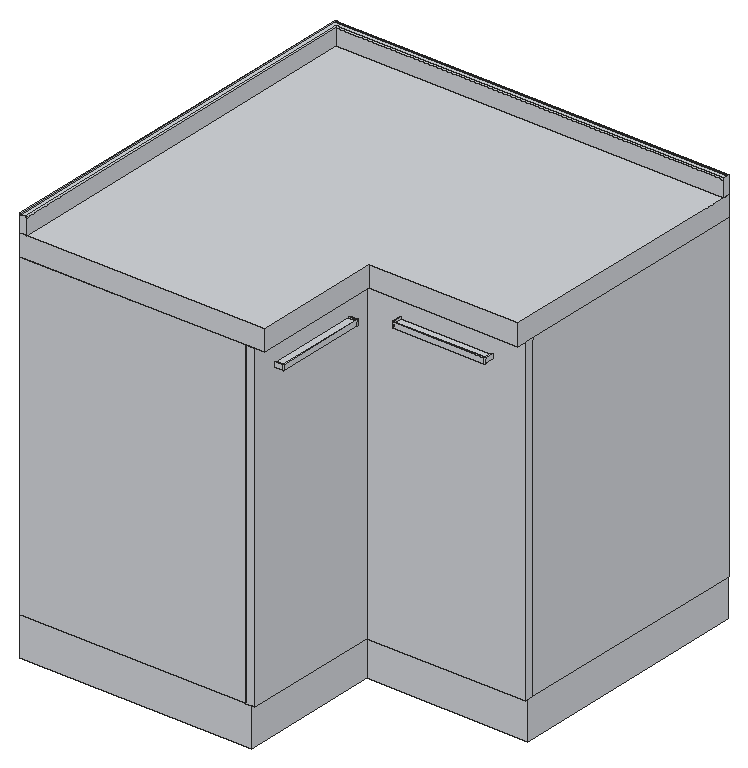
Revit family "Base - Corner Unit", category 케이스워크, Revit 2026
Family settings
  작업 기준면 기반 = 아니오
  항상 수직 = 예
  로드될 때 보이드를 사용하여 절단 = 아니오
  공유 = 아니오
  룸 계산 점 = 아니오
Parameters (values of type "931 x 931 x 900mm")
  기본 높이 = 0 mm
  Top Material = none
  Material = none
  Handle Material = none
  설명 = "Corner"
  깊이 = 931 mm
  높이 = 900 mm
  폭 = 931 mm
  Assembly Code = ""
Reference planes
  plane 1 "Back": y = 0
  plane 2: z = 0
  plane 3 "Center (Left/Right)": x = 44.7
  plane 4 "Front": y = -931
  plane 5 "Left": x = -420.8
  plane 6 "Right": x = 510.2
  plane 7 "Top": z = 900
  plane 8: z = 90
  plane 9: z = 850
  plane 10: y = -622
  plane 11: x = 157.2
Forms (mm)
  Extrusion 1, solid
    sketch origin (0, 0, 0) x (1, 0, 0) y (0, 1, 0)
      loop
        line (-420.8, 0) -> (-420.8, -909) -> (-398.8, -909) -> (-398.8, -22) -> (488.2, -22) -> (488.2, -578) -> (510.2, -578) -> (510.2, 0) -> (-420.8, 0)
    from 90 to 850
  Extrusion 2, solid, material <- "Material"
    sketch origin (0, -20, 0) x (1, 0, 0) y (0, 1, 0)
      loop
        line (-420.8, -911) -> (112.2, -911) -> (112.2, -889) -> (-420.8, -889) -> (-420.8, -911)
    from 90 to 850
  Extrusion 3, solid, material <- "Top Material"
    sketch origin (0, 0, 900) x (0, -1, 0) y (-1, 0, 0)
      loop
        line (0, 420.8) -> (0, -510.2) -> (622, -510.2) -> (622, -157.2) -> (931, -157.2) -> (931, 420.8) -> (0, 420.8)
    from 0 to 50
  Extrusion 4, solid, material <- "Material"
    sketch origin (0, 0, 900) x (0, -1, 0) y (-1, 0, 0)
      loop
        line (0.534, 420.8) -> (0.534, -510.2) -> (592, -510.2) -> (592, -127.2) -> (931, -127.2) -> (931, 420.8) -> (0.534, 420.8)
    from 810 to 900
  Sweep 5, solid, material <- "Top Material"
    path origin (0, 0, 900) x (0, -1, 0) y (1, 0, 0)
      loop
        line (0, 510.2) -> (0, -420.8) -> (931, -420.8)
    profile origin (44.7, 0, 0) x (0, -1, 0) y (0, 0, 1)
      loop
        line (0, 900) -> (15, 900) -> (15, 938)
        arc (15, 938) -> (14.414, 939.414) -> (13, 940) r 2
        line (13, 940) -> (1.504, 940) -> (1.504, 942.003) -> (0, 942.003) -> (0, 900)
  Extrusion 6, solid, material <- "Material"
    sketch origin (309, 311, 0) x (1, 0, 0) y (0, 1, 0)
      loop
        line (-173.8, -911) -> (201.2, -911) -> (201.2, -889) -> (-173.8, -889) -> (-173.8, -911)
    from 90 to 850
  Extrusion 7, solid, material <- "Material"
    sketch origin (-753.8, -729.8, 0) x (0, -1, 0) y (1, 0, 0)
      loop
        line (-151.8, 889) -> (-151.8, 867) -> (201.2, 867) -> (201.2, 889) -> (-151.8, 889)
    from 90 to 850
Dimensions and locks
  "폭": plane 6 "Right" to plane 5 "Left"
  equal spacing: plane 6 "Right", plane 3 "Center (Left/Right)", plane 5 "Left"
  "깊이": plane 4 "Front" to plane 1 "Back"
  "높이": level to plane 7 "Top"
  locked: Extrusion 1 sketch curve to Extrusion 1 sketch curve at 22  (x3)
  locked: plane 8 to level at 90
  locked: plane 7 "Top" to plane 9 at 50
  plane 5 "Left" to plane 6 "Right" = 931 mm
  plane 5 "Left" to plane 11 = 578 mm
  locked: plane 10 to plane 1 "Back" at 622
  equal spacing: Extrusion 7, nested 1, Extrusion 3
  equal spacing: plane 4 "Front", nested 2, Extrusion 6
  nested 1 to level = 799.2 mm
  aligned and locked: Extrusion 1 sketch curve to plane 6 "Right"
  aligned and locked: plane 1 "Back" to Extrusion 1 sketch curve
  aligned and locked: Extrusion 1 sketch curve to plane 5 "Left"
  aligned and locked: Extrusion 2 to plane 9
  aligned and locked: Extrusion 1 to plane 9
  aligned and locked: plane 8 to Extrusion 2
  aligned and locked: plane 8 to Extrusion 1
  aligned and locked: Extrusion 4 to Extrusion 1
  aligned and locked: nested 1 to nested 2
Automatic sketch dimensions
  Sweep 5 sketch curve to plane 6 "Right" = 0 mm
  Sweep 5 sketch curve to profile plane = 0 mm  (x2)
  Sweep 5 sketch curve to profile plane = 1.504 mm
  Sweep 5 sketch curve to Sweep 5 sketch curve = 11.496 mm
  Sweep 5 sketch curve to profile plane = 15 mm
  profile plane to Sweep 5 sketch curve = 38 mm
  Sweep 5 sketch curve to Sweep 5 sketch curve = 2.003 mm
  Extrusion 6 sketch curve to plane 10 = 44 mm
  plane 11 to Extrusion 6 sketch curve = 22 mm
  Extrusion 6 sketch curve to plane 6 "Right" = 0 mm
  Extrusion 6 sketch curve to plane 10 = 22 mm
  Extrusion 1 sketch curve to plane 10 = 44 mm
  Extrusion 1 sketch curve to plane 4 "Front" = 22 mm
  plane 11 to Extrusion 7 sketch curve = 22 mm
  Extrusion 7 sketch curve to plane 10 = 44 mm
  Extrusion 7 sketch curve to plane 4 "Front" = 0 mm
  plane 11 to Extrusion 7 sketch curve = 44 mm
  Extrusion 4 sketch curve to plane 5 "Left" = 0 mm
  Extrusion 4 sketch curve to plane 6 "Right" = 0 mm
  Extrusion 4 sketch curve to plane 4 "Front" = 0 mm
  Extrusion 4 sketch curve to plane 10 = 30 mm
  plane 1 "Back" to Extrusion 4 sketch curve = 0.534 mm
  plane 11 to Extrusion 4 sketch curve = 30 mm
  Extrusion 3 sketch curve to plane 1 "Back" = 0 mm
  Extrusion 3 sketch curve to plane 10 = 0 mm
  Extrusion 3 sketch curve to plane 4 "Front" = 0 mm
  Extrusion 3 sketch curve to plane 5 "Left" = 0 mm
  Extrusion 3 sketch curve to plane 11 = 0 mm
  Extrusion 3 sketch curve to plane 6 "Right" = 0 mm
  Extrusion 2 sketch curve to plane 5 "Left" = 0 mm
  Extrusion 2 sketch curve to plane 4 "Front" = 0 mm
  Extrusion 2 sketch curve to plane 4 "Front" = 22 mm
  plane 11 to Extrusion 2 sketch curve = 45 mm
  Sweep 5 sketch curve to plane 1 "Back" = 0 mm
  Sweep 5 sketch curve to plane 4 "Front" = 0 mm
  Sweep 5 sketch curve to plane 5 "Left" = 0 mm
Nested families
  nested 1: "Casework Handle" at (597.577, -623, 787.2), type "220 x 23mm"
  nested 2: "Casework Handle" at (158.2, -490.623, 787.2) x (0, 1, 0) z (0, 0, 1), type "220 x 23mm"
Definition of nested family "Casework Handle"
  Parameters
    Default Elevation = 0 mm
    Material = none
  Reference planes
    plane 1 "Center (Front/Back)": y = 0
    plane 2: z = 0
    plane 3 "Center (Left/Right)": x = -274.877
    plane 4: x = -384.877
    plane 5: x = -164.877
    plane 6: y = 23
    plane 7: z = 12
  Forms (mm)
    Sweep 1, solid, material <- "Material"
      path origin (0, 0, 0) x (1, 0, 0) y (0, 1, 0)
        loop
          line (-384.877, 23) -> (-384.877, 2.5)
          arc (-384.877, 2.5) -> (-384.145, 0.732) -> (-382.377, 0) r 2.5
          line (-382.377, 0) -> (-167.377, 0)
          arc (-167.377, 0) -> (-165.609, 0.732) -> (-164.877, 2.5) r 2.5
          line (-164.877, 2.5) -> (-164.877, 23)
      profile origin (0, 12.75, 0) x (1, 0, 0) y (0, 0, 1)
        loop
          line (-384.877, 0) -> (-382.877, 0) -> (-382.877, 12) -> (-384.877, 12) -> (-384.877, 0)
    Extrusion 2, solid, material <- "Material"
      sketch origin (0, 0, 0) x (1, 0, 0) y (0, 1, 0)
        loop
          arc (-382.877, 2.5) -> (-382.731, 2.146) -> (-382.377, 2) r 0.5
          line (-382.377, 2) -> (-167.377, 2)
          arc (-167.377, 2) -> (-167.023, 2.146) -> (-166.877, 2.5) r 0.5
          line (-166.877, 2.5) -> (-166.877, 23) -> (-382.877, 23) -> (-382.877, 2.5)
      from 2.765 to 9.254
  Dimensions and locks
    equal spacing: plane 4, plane 3 "Center (Left/Right)", plane 5
